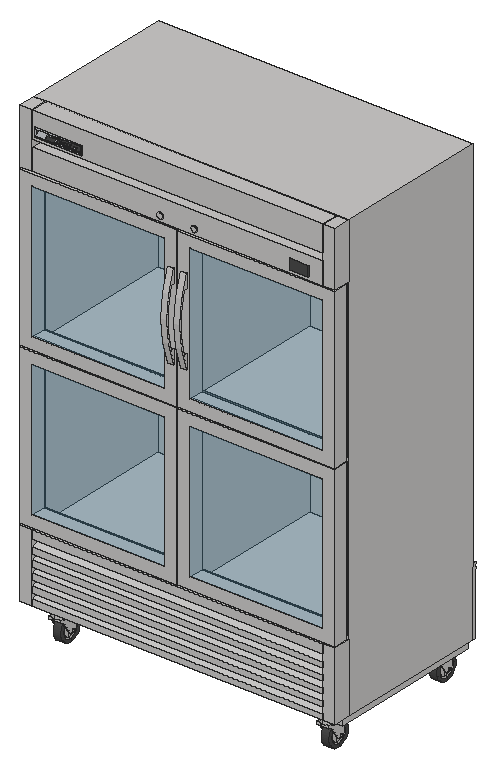
Revit family "QF_TRUE_T-49G-4-HC~FGD01_cat", category Specialty Equipment, Revit 2015 (continued)
Definition of nested family "T-49G-4-HC-FGD01"
  Forms (in)
    Extrusion 39, solid
      sketch origin (29.17183, -26.46875, 73.625) x (1, 0, 0) y (0, 1, 0)
        loop
          circle (24.12704, -2.16728) r 0.25
        loop
          circle (22.47678, -2.15567) r 0.25
        loop
          circle (21.47678, -2.15567) r 0.25
      from 0 to 0.11427
    Extrusion 40, solid
      sketch origin (29.17183, -26.46875, 73.625) x (1, 0, 0) y (0, 1, 0)
        loop
          circle (22.47678, -2.15567) r 0.25
        loop
          circle (21.47678, -2.15567) r 0.25
      from 0 to 0.25
    Extrusion 41, solid
      sketch origin (29.17183, -26.46875, 73.625) x (1, 0, 0) y (0, 1, 0)
        loop
          circle (24.12704, -2.16728) r 0.25
      from 0 to 0.25
    Extrusion 42, solid
      sketch origin (53.98433, -26.8125, 74.11977) x (-1, 0, 0) y (0, 1, 0)
        loop
          line (0.22917, -2.35477) -> (1.22917, -2.35477) -> (1.18806, 0) -> (0.27027, 0) -> (0.22917, -2.35477)
        loop
          circle (0.6841, -1.82353) r 0.25
      from 0.24477 to 0.38051
    Extrusion 43, solid, not visible
      sketch origin (53.7362, -26.8125, 19.12263) x (0, 1, 0) y (1, 0, 0)
        loop
          line (0, -1.157) -> (0, -0.21392) -> (-2.06523, -0.25589)
          arc (-2.06523, -0.25589) -> (-2.48736, -0.68546) -> (-2.06523, -1.11503) r 0.42963
          line (-2.06523, -1.11503) -> (0, -1.157)
        loop
          circle (-2.05773, -0.68546) r 0.25
      from 0.24397 to 0.49763
    Extrusion 44, solid, not visible
      sketch origin (53.7362, -26.8125, 19.12263) x (0, 1, 0) y (1, 0, 0)
        loop
          circle (-2.05773, -0.68546) r 0.25
      from 0.24397 to 0.49763
    Extrusion 45, solid, not visible
      sketch origin (29.17183, -26.46875, 73.625) x (1, 0, 0) y (0, 1, 0)
        loop
          line (24.5625, -1.62139) -> (21.0974, -1.62139) -> (21.0974, -2.6725) -> (24.5625, -2.6725) -> (24.5625, -1.62139)
        loop
          circle (24.12704, -2.16728) r 0.25
        loop
          circle (22.47678, -2.15567) r 0.25
        loop
          circle (21.47678, -2.15567) r 0.25
      from 0 to 0.11427
    Extrusion 46, solid, not visible
      sketch origin (29.17183, -26.46875, 73.625) x (1, 0, 0) y (0, 1, 0)
        loop
          circle (22.47678, -2.15567) r 0.25
        loop
          circle (21.47678, -2.15567) r 0.25
      from 0 to 0.25
    Extrusion 47, solid, not visible
      sketch origin (29.17183, -26.46875, 73.625) x (1, 0, 0) y (0, 1, 0)
        loop
          circle (24.12704, -2.16728) r 0.25
      from 0 to 0.25
    Extrusion 48, solid, not visible
      sketch origin (53.98433, -26.8125, 74.11977) x (-1, 0, 0) y (0, 1, 0)
        loop
          line (0.22917, -2.35477) -> (1.22917, -2.35477) -> (1.18806, 0) -> (0.27027, 0) -> (0.22917, -2.35477)
        loop
          circle (0.6841, -1.82353) r 0.25
      from 0.24477 to 0.38051
    Extrusion 49, solid
      sketch origin (53.7362, -26.8125, 46.62263) x (0, 1, 0) y (1, 0, 0)
        loop
          line (0, -1.157) -> (0, -0.21392) -> (-2.06523, -0.25589)
          arc (-2.06523, -0.25589) -> (-2.48736, -0.68546) -> (-2.06523, -1.11503) r 0.42963
          line (-2.06523, -1.11503) -> (0, -1.157)
        loop
          circle (-2.05773, -0.68546) r 0.25
      from 0.24397 to 0.49763
    Extrusion 50, solid
      sketch origin (53.7362, -26.8125, 46.62263) x (0, 1, 0) y (1, 0, 0)
        loop
          circle (-2.05773, -0.68546) r 0.25
      from 0.24397 to 0.49763
    Extrusion 51, solid, not visible
      sketch origin (53.7362, -26.8125, 46.62263) x (0, 1, 0) y (1, 0, 0)
        loop
          line (0, -1.157) -> (0, -0.21392) -> (-2.06523, -0.25589)
          arc (-2.06523, -0.25589) -> (-2.48736, -0.68546) -> (-2.06523, -1.11503) r 0.42963
          line (-2.06523, -1.11503) -> (0, -1.157)
        loop
          circle (-2.05773, -0.68546) r 0.25
      from 0.24397 to 0.49763
    Extrusion 52, solid, not visible
      sketch origin (53.7362, -26.8125, 46.62263) x (0, 1, 0) y (1, 0, 0)
        loop
          circle (-2.05773, -0.68546) r 0.25
      from 0.24397 to 0.49763
    Extrusion 53, solid
      sketch origin (0.42005, -26.8125, 19.12263) x (0, -1, 0) y (-1, 0, 0)
        loop
          line (0, -1.157) -> (2.06523, -1.11503)
          arc (2.06523, -1.11503) -> (2.48736, -0.68546) -> (2.06523, -0.25589) r 0.42963
          line (2.06523, -0.25589) -> (0, -0.21392) -> (0, -1.157)
        loop
          circle (2.05773, -0.68546) r 0.25
      from 0.24397 to 0.49763
    Extrusion 54, solid
      sketch origin (0.42005, -26.8125, 19.12263) x (0, -1, 0) y (-1, 0, 0)
        loop
          circle (2.05773, -0.68546) r 0.25
      from 0.24397 to 0.49763
    Extrusion 55, solid
      sketch origin (24.98442, -26.46875, 73.625) x (-1, 0, 0) y (0, -1, 0)
        loop
          line (24.5625, 1.62139) -> (24.5625, 2.6725) -> (21.0974, 2.6725) -> (21.0974, 1.62139) -> (24.5625, 1.62139)
        loop
          circle (24.12704, 2.16728) r 0.25
        loop
          circle (22.47678, 2.15567) r 0.25
        loop
          circle (21.47678, 2.15567) r 0.25
      from 0 to 0.11427
    Extrusion 56, solid
      sketch origin (24.98442, -26.46875, 73.625) x (-1, 0, 0) y (0, -1, 0)
        loop
          circle (22.47678, 2.15567) r 0.25
        loop
          circle (21.47678, 2.15567) r 0.25
      from 0 to 0.25
    Extrusion 57, solid
      sketch origin (24.98442, -26.46875, 73.625) x (-1, 0, 0) y (0, -1, 0)
        loop
          circle (24.12704, 2.16728) r 0.25
      from 0 to 0.25
    Extrusion 58, solid
      sketch origin (0.17192, -26.8125, 74.11977) x (-1, 0, 0) y (0, 1, 0)
        loop
          line (-0.22917, -2.35477) -> (-0.27027, 0) -> (-1.18806, 0) -> (-1.22917, -2.35477) -> (-0.22917, -2.35477)
        loop
          circle (-0.6841, -1.82353) r 0.25
      from 0.24477 to 0.38051
    Extrusion 59, solid
      sketch origin (0.42005, -26.8125, 46.62263) x (0, -1, 0) y (-1, 0, 0)
        loop
          line (0, -1.157) -> (2.06523, -1.11503)
          arc (2.06523, -1.11503) -> (2.48736, -0.68546) -> (2.06523, -0.25589) r 0.42963
          line (2.06523, -0.25589) -> (0, -0.21392) -> (0, -1.157)
        loop
          circle (2.05773, -0.68546) r 0.25
      from 0.24397 to 0.49763
    Extrusion 60, solid
      sketch origin (0.42005, -26.8125, 46.62263) x (0, -1, 0) y (-1, 0, 0)
        loop
          circle (2.05773, -0.68546) r 0.25
      from 0.24397 to 0.49763
    Extrusion 61, solid, not visible
      sketch origin (0.42005, -26.8125, 19.12263) x (0, -1, 0) y (-1, 0, 0)
        loop
          line (0, -1.157) -> (2.06523, -1.11503)
          arc (2.06523, -1.11503) -> (2.48736, -0.68546) -> (2.06523, -0.25589) r 0.42963
          line (2.06523, -0.25589) -> (0, -0.21392) -> (0, -1.157)
        loop
          circle (2.05773, -0.68546) r 0.25
      from 0.24397 to 0.49763
    Extrusion 62, solid, not visible
      sketch origin (0.42005, -26.8125, 19.12263) x (0, -1, 0) y (-1, 0, 0)
        loop
          circle (2.05773, -0.68546) r 0.25
      from 0.24397 to 0.49763
    Extrusion 63, solid, not visible
      sketch origin (24.98442, -26.46875, 73.625) x (-1, 0, 0) y (0, -1, 0)
        loop
          line (24.5625, 1.62139) -> (24.5625, 2.6725) -> (21.0974, 2.6725) -> (21.0974, 1.62139) -> (24.5625, 1.62139)
        loop
          circle (24.12704, 2.16728) r 0.25
        loop
          circle (22.47678, 2.15567) r 0.25
        loop
          circle (21.47678, 2.15567) r 0.25
      from 0 to 0.11427
    Extrusion 64, solid, not visible
      sketch origin (24.98442, -26.46875, 73.625) x (-1, 0, 0) y (0, -1, 0)
        loop
          circle (22.47678, 2.15567) r 0.25
        loop
          circle (21.47678, 2.15567) r 0.25
      from 0 to 0.25
    Extrusion 65, solid, not visible
      sketch origin (24.98442, -26.46875, 73.625) x (-1, 0, 0) y (0, -1, 0)
        loop
          circle (24.12704, 2.16728) r 0.25
      from 0 to 0.25
    Extrusion 66, solid, not visible
      sketch origin (0.17192, -26.8125, 74.11977) x (-1, 0, 0) y (0, 1, 0)
        loop
          line (-0.22917, -2.35477) -> (-0.27027, 0) -> (-1.18806, 0) -> (-1.22917, -2.35477) -> (-0.22917, -2.35477)
        loop
          circle (-0.6841, -1.82353) r 0.25
      from 0.24477 to 0.38051
    Extrusion 67, solid, not visible
      sketch origin (0.42005, -26.8125, 46.62263) x (0, -1, 0) y (-1, 0, 0)
        loop
          line (0, -1.157) -> (2.06523, -1.11503)
          arc (2.06523, -1.11503) -> (2.48736, -0.68546) -> (2.06523, -0.25589) r 0.42963
          line (2.06523, -0.25589) -> (0, -0.21392) -> (0, -1.157)
        loop
          circle (2.05773, -0.68546) r 0.25
      from 0.24397 to 0.49763
    Extrusion 68, solid, not visible
      sketch origin (0.42005, -26.8125, 46.62263) x (0, -1, 0) y (-1, 0, 0)
        loop
          circle (2.05773, -0.68546) r 0.25
      from 0.24397 to 0.49763
  Cuts and joins
    joined: Extrusion 1, Extrusion 7, Extrusion 9, Extrusion 16
  Lines and regions (in)
    symbolic lines
      curve 1: line (0, -29.8125, 0) -> (54.15625, -29.8125, 0)
      curve 2: line (0, 0.5, 0) -> (0, -29.8125, 0)
      curve 3: line (54.15625, 0.5, 0) -> (0, 0.5, 0)
      curve 4: line (54.15625, -29.8125, 0) -> (54.15625, 0.5, 0)
      curve 5: line (0, 0, 0) -> (54.15625, 0, 0)
      curve 6: line (0, -26.8125, 0) -> (54.15625, -26.8125, 0)
      curve 7: line (2, -29.8125, 0) -> (2, -26.8125, 0)
      curve 8: line (52.15625, -29.8125, 0) -> (52.15625, -26.8125, 0)
      curve 9: line (25.44851, -31.34375, 0) -> (25.44851, -29.8125, 0)
      curve 10: line (25.44851, -31.34375, 0) -> (26.45776, -31.34375, 0)
      curve 11: line (26.45776, -31.34375, 0) -> (26.45776, -29.8125, 0)
      curve 12: line (27.69849, -29.8125, 0) -> (27.69849, -31.34375, 0)
      curve 13: line (28.70774, -29.8125, 0) -> (28.70774, -31.34375, 0)
      curve 14: line (28.70774, -31.34375, 0) -> (27.69849, -31.34375, 0)
      curve 15: line (0, -29.8125, 0) -> (22.77628, -42.96239, 0)
      curve 16: arc (26.94851, -29.8125, 0) -> (25.72808, -36.66211, 0) -> (22.77628, -42.96239, 0) r 26.64931
      curve 17: line (54.15625, -29.8125, 0) -> (31.37997, -42.96239, 0)
      curve 18: arc (27.20774, -29.8125, 0) -> (28.42817, -36.66211, 0) -> (31.37997, -42.96239, 0) r 26.64931
  Dimensions and locks (in)
    equal spacing: plane 3 "LEFT", plane 7 "Center Y", plane 4 "RIGHT"
    plane 3 "LEFT" to plane 4 "RIGHT" = 54 5/32"
    equal spacing: plane 5 "FRONT", plane 8 "Center X", plane 1 "BACK"
    plane 5 "FRONT" to plane 1 "BACK" = 29 13/16"
    plane 6 "TOP" to level = 83 3/8"
    plane 6 "TOP" to plane 9 = 78 5/16"
    plane 9 to level = 5 1/16"
    plane 4 "RIGHT" to plane 3 "LEFT" = 54 5/32"
    plane 1 "BACK" to plane 10 = 1/2"
    plane 11 to plane 5 "FRONT" = 1 17/32"
    plane 10 to plane 11 = 31 27/32"
    plane 1 "BACK" to plane 18 = 55 1/4"
    plane 1 "BACK" to plane 20 = 55 1/4"
    aligned and locked: level to plane 2
  Automatic sketch dimensions
    Extrusion 2 sketch curve to Extrusion 2 sketch curve = 1 1/4"  (x2)
    Extrusion 2 sketch curve to Extrusion 2 sketch curve = 1"  (x7)
    Extrusion 2 sketch curve to Extrusion 2 sketch curve = 2"  (x2)
    Extrusion 2 sketch curve to Extrusion 2 sketch curve = 0"  (x9)
    Extrusion 2 sketch curve to Extrusion 2 sketch curve = 0.51258"
    Extrusion 2 sketch curve to Extrusion 2 sketch curve = 0.43712"
    Extrusion 4 sketch curve to Extrusion 2 = 0.97242"  (x2)
    Extrusion 2 to Extrusion 4 sketch curve = 22.14431"
    Extrusion 4 sketch curve to Extrusion 4 sketch curve = 5.86763"
    Extrusion 5 sketch curve to plane 18 = 0"  (x2)
    Extrusion 7 sketch curve to Extrusion 1 = 0"  (x3)
    Extrusion 1 to Extrusion 7 sketch curve = 0"  (x2)
    Extrusion 1 to Extrusion 7 sketch curve = 2"
    Extrusion 1 to Extrusion 7 sketch curve = 11 3/4"
    Extrusion 1 to Extrusion 7 sketch curve = 2 5/8"
    Extrusion 9 sketch curve to Extrusion 9 sketch curve = 2"
    Extrusion 10 sketch curve to Extrusion 10 sketch curve = 3 1/4"
    Extrusion 16 sketch curve to plane 16 = 11 9/16"
    Extrusion 16 sketch curve to plane 17 = 0"
    Extrusion 17 sketch curve to plane 19 = 0"  (x2)
    Extrusion 1 sketch curve to Extrusion 1 sketch curve = 2"
    Extrusion 1 sketch curve to Extrusion 1 sketch curve = 76 1/2"
    Extrusion 2 sketch curve to Extrusion 2 sketch curve = 4 1/2"
    Extrusion 2 sketch curve to Extrusion 2 sketch curve = 3 3/4"
    Extrusion 2 sketch curve to Extrusion 2 sketch curve = 55 1/4"
    Extrusion 2 sketch curve to Extrusion 2 sketch curve = 1 1/2"
    Extrusion 2 sketch curve to Extrusion 2 sketch curve = 2.0503"  (x2)
    Extrusion 2 sketch curve to Extrusion 2 sketch curve = 2.80755"
    Extrusion 2 sketch curve to Extrusion 2 sketch curve = 3"
    Extrusion 5 sketch curve to Extrusion 5 sketch curve = 25 7/16"
    Extrusion 5 sketch curve to Extrusion 5 sketch curve = 0"
    Extrusion 5 sketch curve to Extrusion 5 sketch curve = 1.20981"  (x2)
    Extrusion 5 sketch curve to Extrusion 5 sketch curve = 0.32668"
    Extrusion 5 sketch curve to Extrusion 5 sketch curve = 0.25923"
    Extrusion 5 sketch curve to Extrusion 5 sketch curve = 26.62183"
    Extrusion 9 sketch curve to Extrusion 9 sketch curve = 76 1/2"
    Extrusion 10 sketch curve to Extrusion 10 sketch curve = 1 3/4"
    Extrusion 11 sketch curve to Extrusion 11 sketch curve = 9 1/2"
    Extrusion 11 sketch curve to Extrusion 11 sketch curve = 55 1/4"
    Extrusion 11 sketch curve to Extrusion 11 sketch curve = 11 3/4"
    Extrusion 11 sketch curve to Extrusion 11 sketch curve = 0"
    Extrusion 11 sketch curve to Extrusion 11 sketch curve = 3"  (x2)
    Extrusion 12 sketch curve to Extrusion 12 sketch curve = 9 1/2"
    Extrusion 12 sketch curve to Extrusion 12 sketch curve = 55 1/4"
    Extrusion 12 sketch curve to Extrusion 12 sketch curve = 11 3/4"
    Extrusion 12 sketch curve to Extrusion 12 sketch curve = 0"
    Extrusion 12 sketch curve to Extrusion 12 sketch curve = 3"  (x2)
    plane 17 to Extrusion 16 sketch curve = 36 1/8"
    Extrusion 16 sketch curve to Extrusion 16 sketch curve = 24 5/64"  (x2)
    Extrusion 16 sketch curve to Extrusion 16 sketch curve = 0"  (x3)
    Extrusion 16 sketch curve to Extrusion 16 sketch curve = 2"  (x3)
    Extrusion 17 sketch curve to Extrusion 17 sketch curve = 25 7/16"
    Extrusion 17 sketch curve to Extrusion 17 sketch curve = 0"
    Extrusion 17 sketch curve to Extrusion 17 sketch curve = 1.20981"  (x2)
    Extrusion 17 sketch curve to Extrusion 17 sketch curve = 0.32668"
    Extrusion 17 sketch curve to Extrusion 17 sketch curve = 0.25923"
    Extrusion 17 sketch curve to Extrusion 17 sketch curve = 26.62183"
    Extrusion 19 sketch curve to Extrusion 19 sketch curve = 1 1/4"  (x2)
    Extrusion 19 sketch curve to Extrusion 19 sketch curve = 1"  (x7)
    Extrusion 19 sketch curve to Extrusion 19 sketch curve = 2"  (x2)
    Extrusion 19 sketch curve to Extrusion 19 sketch curve = 0"  (x9)
    Extrusion 19 sketch curve to Extrusion 19 sketch curve = 0.51258"
    Extrusion 19 sketch curve to Extrusion 19 sketch curve = 0.43712"
    Extrusion 21 sketch curve to Extrusion 19 = 0.97242"  (x2)
    Extrusion 19 to Extrusion 21 sketch curve = 22.14431"
    Extrusion 21 sketch curve to Extrusion 21 sketch curve = 5.86763"
    Extrusion 22 sketch curve to plane 27 = 0"  (x2)
    Extrusion 24 sketch curve to Extrusion 18 = 0"  (x3)
    Extrusion 18 to Extrusion 24 sketch curve = 0"  (x2)
    Extrusion 18 to Extrusion 24 sketch curve = 2"
    Extrusion 18 to Extrusion 24 sketch curve = 11 3/4"
    Extrusion 18 to Extrusion 24 sketch curve = 2 5/8"
    Extrusion 26 sketch curve to Extrusion 26 sketch curve = 2"
    Extrusion 27 sketch curve to Extrusion 27 sketch curve = 3 1/4"
    Extrusion 33 sketch curve to plane 25 = 11 9/16"
    Extrusion 33 sketch curve to plane 26 = 0"
    Extrusion 34 sketch curve to plane 28 = 0"  (x2)
    Extrusion 18 sketch curve to Extrusion 18 sketch curve = 2"
    Extrusion 18 sketch curve to Extrusion 18 sketch curve = 76 1/2"
    Extrusion 19 sketch curve to Extrusion 19 sketch curve = 4 1/2"
    Extrusion 19 sketch curve to Extrusion 19 sketch curve = 3 3/4"
    Extrusion 19 sketch curve to Extrusion 19 sketch curve = 55 1/4"
    Extrusion 19 sketch curve to Extrusion 19 sketch curve = 1 1/2"
    Extrusion 19 sketch curve to Extrusion 19 sketch curve = 2.0503"  (x2)
    Extrusion 19 sketch curve to Extrusion 19 sketch curve = 2.80755"
    Extrusion 19 sketch curve to Extrusion 19 sketch curve = 3"
    Extrusion 22 sketch curve to Extrusion 22 sketch curve = 25 7/16"
    Extrusion 22 sketch curve to Extrusion 22 sketch curve = 0"
    Extrusion 22 sketch curve to Extrusion 22 sketch curve = 1.20981"  (x2)
    Extrusion 22 sketch curve to Extrusion 22 sketch curve = 0.32668"
    Extrusion 22 sketch curve to Extrusion 22 sketch curve = 0.25923"
    Extrusion 22 sketch curve to Extrusion 22 sketch curve = 26.62183"
    Extrusion 26 sketch curve to Extrusion 26 sketch curve = 76 1/2"
    Extrusion 27 sketch curve to Extrusion 27 sketch curve = 1 3/4"
    Extrusion 28 sketch curve to Extrusion 28 sketch curve = 9 1/2"
    Extrusion 28 sketch curve to Extrusion 28 sketch curve = 55 1/4"
    Extrusion 28 sketch curve to Extrusion 28 sketch curve = 11 3/4"
    Extrusion 28 sketch curve to Extrusion 28 sketch curve = 0"
    Extrusion 28 sketch curve to Extrusion 28 sketch curve = 3"  (x2)
    Extrusion 29 sketch curve to Extrusion 29 sketch curve = 9 1/2"
    Extrusion 29 sketch curve to Extrusion 29 sketch curve = 55 1/4"
    Extrusion 29 sketch curve to Extrusion 29 sketch curve = 11 3/4"
    Extrusion 29 sketch curve to Extrusion 29 sketch curve = 0"
    Extrusion 29 sketch curve to Extrusion 29 sketch curve = 3"  (x2)
    plane 26 to Extrusion 33 sketch curve = 36 1/8"
    Extrusion 33 sketch curve to Extrusion 33 sketch curve = 24 5/64"  (x2)
    Extrusion 33 sketch curve to Extrusion 33 sketch curve = 0"  (x3)
    Extrusion 33 sketch curve to Extrusion 33 sketch curve = 2"  (x3)
    Extrusion 34 sketch curve to Extrusion 34 sketch curve = 25 7/16"
    Extrusion 34 sketch curve to Extrusion 34 sketch curve = 0"
    Extrusion 34 sketch curve to Extrusion 34 sketch curve = 1.20981"  (x2)
    Extrusion 34 sketch curve to Extrusion 34 sketch curve = 0.32668"
    Extrusion 34 sketch curve to Extrusion 34 sketch curve = 0.25923"
    Extrusion 34 sketch curve to Extrusion 34 sketch curve = 26.62183"
    Extrusion 6 to Extrusion 35 sketch curve = 4.84595"
    Extrusion 6 to Extrusion 35 sketch curve = 27 5/64"
    Extrusion 14 sketch curve to plane 14 = 0"
    plane 15 to Extrusion 14 sketch curve = 0"
    Extrusion 14 sketch curve to plane 14 = 2 1/2"
    Extrusion 14 sketch curve to plane 15 = 2 1/2"
    Extrusion 14 sketch curve to Extrusion 14 sketch curve = 0"
    Extrusion 14 sketch curve to Extrusion 14 sketch curve = 0.60964"  (x2)
    Extrusion 14 sketch curve to Extrusion 14 sketch curve = 17.54993"
    Extrusion 14 sketch curve to Extrusion 14 sketch curve = 0.05054"
    Extrusion 13 sketch curve to plane 12 = 0"
    plane 13 to Extrusion 13 sketch curve = 0"
    Extrusion 13 sketch curve to plane 12 = 2 1/2"
    Extrusion 13 sketch curve to plane 13 = 2 1/2"
    Extrusion 13 sketch curve to Extrusion 13 sketch curve = 0"
    Extrusion 13 sketch curve to Extrusion 13 sketch curve = 0.60964"  (x2)
    Extrusion 13 sketch curve to Extrusion 13 sketch curve = 17.54993"
    Extrusion 13 sketch curve to Extrusion 13 sketch curve = 0.05175"
    Extrusion 31 sketch curve to plane 23 = 0"
    plane 24 to Extrusion 31 sketch curve = 0"
    Extrusion 31 sketch curve to plane 23 = 2 1/2"
    Extrusion 31 sketch curve to plane 24 = 2 1/2"
    Extrusion 31 sketch curve to Extrusion 31 sketch curve = 0"
    Extrusion 31 sketch curve to Extrusion 31 sketch curve = 0.60964"  (x2)
    Extrusion 31 sketch curve to Extrusion 31 sketch curve = 17.54993"
    Extrusion 31 sketch curve to Extrusion 31 sketch curve = 0.05054"
    Extrusion 30 sketch curve to plane 21 = 0"
    plane 22 to Extrusion 30 sketch curve = 0"
    Extrusion 30 sketch curve to plane 21 = 2 1/2"
    Extrusion 30 sketch curve to plane 22 = 2 1/2"
    Extrusion 30 sketch curve to Extrusion 30 sketch curve = 0"
    Extrusion 30 sketch curve to Extrusion 30 sketch curve = 0.60964"  (x2)
    Extrusion 30 sketch curve to Extrusion 30 sketch curve = 17.54993"
    Extrusion 30 sketch curve to Extrusion 30 sketch curve = 0.05175"
    curve 1 to plane 3 "LEFT" = 0"
    plane 5 "FRONT" to curve 7 = 0"
    plane 11 to curve 12 = 0"
    curve 1 to plane 4 "RIGHT" = 0"
    plane 1 "BACK" to curve 5 = 0"
    curve 3 to plane 10 = 0"
    plane 3 "LEFT" to curve 16 = 0.32668"
    curve 15 to plane 7 "Center Y" = 4.30184"
    plane 11 to curve 9 = 0"
    curve 9 to plane 7 "Center Y" = 1.62962"
    curve 11 to plane 7 "Center Y" = 0.62037"
    plane 7 "Center Y" to curve 12 = 0.62037"
    curve 12 to curve 14 = 1.00925"
    plane 7 "Center Y" to curve 17 = 4.30184"
    plane 4 "RIGHT" to curve 18 = 0.32668"
    plane 11 to curve 15 = 11.61864"
    curve 15 to curve 17 = 0"
    curve 18 to plane 5 "FRONT" = 1.20981"
    curve 16 to plane 5 "FRONT" = 1.20981"
    plane 3 "LEFT" to curve 7 = 2"
    plane 4 "RIGHT" to curve 8 = 2"
    curve 18 to curve 8 = 1.79019"
    Extrusion 8 sketch curve to Extrusion 8 sketch curve = 0"  (x6)
    Extrusion 8 sketch curve to Extrusion 8 sketch curve = 2"  (x13)
    Extrusion 8 sketch curve to Extrusion 8 sketch curve = 22.94851"  (x4)
    Extrusion 8 sketch curve to Extrusion 8 sketch curve = 0.25923"
    Extrusion 8 sketch curve to Extrusion 8 sketch curve = 23.24634"  (x4)
    Extrusion 8 sketch curve to Extrusion 8 sketch curve = 0.25366"  (x2)
    Extrusion 25 sketch curve to Extrusion 25 sketch curve = 0"  (x6)
    Extrusion 25 sketch curve to Extrusion 25 sketch curve = 2"  (x13)
    Extrusion 25 sketch curve to Extrusion 25 sketch curve = 22.94851"  (x4)
    Extrusion 25 sketch curve to Extrusion 25 sketch curve = 0.25923"
    Extrusion 25 sketch curve to Extrusion 25 sketch curve = 23.24634"  (x4)
    Extrusion 25 sketch curve to Extrusion 25 sketch curve = 0.25366"  (x2)
    Extrusion 3 sketch curve to Extrusion 3 sketch curve = 0"  (x4)
    Extrusion 3 sketch curve to Extrusion 3 sketch curve = 22.94851"  (x3)
    Extrusion 3 sketch curve to Extrusion 3 sketch curve = 4.25923"  (x2)
    Extrusion 3 sketch curve to Extrusion 3 sketch curve = 23.24634"  (x3)
    Extrusion 3 sketch curve to Extrusion 3 sketch curve = 4.25366"  (x2)
    Extrusion 20 sketch curve to Extrusion 20 sketch curve = 0"  (x4)
    Extrusion 20 sketch curve to Extrusion 20 sketch curve = 22.94851"  (x3)
    Extrusion 20 sketch curve to Extrusion 20 sketch curve = 4.25923"  (x2)
    Extrusion 20 sketch curve to Extrusion 20 sketch curve = 23.24634"  (x3)
    Extrusion 20 sketch curve to Extrusion 20 sketch curve = 4.25366"  (x2)
    Extrusion 36 sketch curve to plane 9 = 0"
    Extrusion 36 sketch curve to plane 29 = 0"
    plane 4 "RIGHT" to Extrusion 36 sketch curve = 1"
    plane 3 "LEFT" to Extrusion 36 sketch curve = 1"
    Extrusion 6 sketch curve to Extrusion 1 = 0"  (x2)
    Extrusion 6 sketch curve to Extrusion 1 = 3/8"
    Extrusion 6 sketch curve to Extrusion 6 sketch curve = 10.68144"
    Extrusion 6 sketch curve to Extrusion 6 sketch curve = 0.34482"
    Extrusion 6 sketch curve to Extrusion 6 sketch curve = 0.3805"
    Extrusion 6 sketch curve to Extrusion 6 sketch curve = 0.16647"
    Extrusion 6 sketch curve to Extrusion 1 = 0.32496"
    Extrusion 6 sketch curve to Extrusion 6 sketch curve = 0.17678"
    Extrusion 6 sketch curve to Extrusion 6 sketch curve = 0.14819"
    Extrusion 6 sketch curve to Extrusion 6 sketch curve = 0"
    Extrusion 6 sketch curve to Extrusion 6 sketch curve = 1/8"
    Extrusion 6 sketch curve to Extrusion 6 sketch curve = 0.17504"
    Extrusion 23 sketch curve to Extrusion 18 = 0"  (x2)
    Extrusion 23 sketch curve to Extrusion 18 = 3/8"
    Extrusion 23 sketch curve to Extrusion 23 sketch curve = 10.68144"
    Extrusion 23 sketch curve to Extrusion 23 sketch curve = 0.34482"
    Extrusion 23 sketch curve to Extrusion 23 sketch curve = 0.3805"
    Extrusion 23 sketch curve to Extrusion 23 sketch curve = 0.16647"
    Extrusion 23 sketch curve to Extrusion 18 = 0.32496"
    Extrusion 23 sketch curve to Extrusion 23 sketch curve = 0.17678"
    Extrusion 23 sketch curve to Extrusion 23 sketch curve = 0.14819"
    Extrusion 23 sketch curve to Extrusion 23 sketch curve = 0"
    Extrusion 23 sketch curve to Extrusion 23 sketch curve = 1/8"
    Extrusion 23 sketch curve to Extrusion 23 sketch curve = 0.17504"
    Extrusion 15 sketch curve to Extrusion 1 = 1/4"  (x4)
    Extrusion 15 sketch curve to Extrusion 1 = 11 1/2"  (x2)
    Extrusion 1 to Extrusion 15 sketch curve = 23.19851"  (x2)
    Extrusion 15 sketch curve to Extrusion 15 sketch curve = 1 1/2"  (x5)
    Extrusion 15 sketch curve to Extrusion 15 sketch curve = 0"  (x3)
    Extrusion 15 sketch curve to Extrusion 15 sketch curve = 0.75923"  (x2)
    Extrusion 15 sketch curve to Extrusion 15 sketch curve = 23.44851"  (x2)
    Extrusion 15 sketch curve to Extrusion 15 sketch curve = 23 5/8"
    Extrusion 15 sketch curve to Extrusion 15 sketch curve = 1.62134"  (x7)
    Extrusion 15 sketch curve to Extrusion 15 sketch curve = 0.63232"  (x2)
    Extrusion 15 sketch curve to Extrusion 1 = 13 7/8"  (x2)
    Extrusion 32 sketch curve to Extrusion 18 = 1/4"  (x4)
    Extrusion 32 sketch curve to Extrusion 18 = 11 1/2"  (x2)
    Extrusion 18 to Extrusion 32 sketch curve = 23.19851"  (x2)
    Extrusion 32 sketch curve to Extrusion 32 sketch curve = 1 1/2"  (x5)
    Extrusion 32 sketch curve to Extrusion 32 sketch curve = 0"  (x3)
    Extrusion 32 sketch curve to Extrusion 32 sketch curve = 0.75923"  (x2)
    Extrusion 32 sketch curve to Extrusion 32 sketch curve = 23.44851"  (x2)
    Extrusion 32 sketch curve to Extrusion 32 sketch curve = 23 5/8"
    Extrusion 32 sketch curve to Extrusion 32 sketch curve = 1.62134"  (x7)
    Extrusion 32 sketch curve to Extrusion 32 sketch curve = 0.63232"  (x2)
    Extrusion 32 sketch curve to Extrusion 18 = 13 7/8"  (x2)
    Extrusion 37 sketch curve to Extrusion 37 sketch curve = 0"  (x3)
    Extrusion 37 sketch curve to Extrusion 37 sketch curve = 0.0075"
    Extrusion 37 sketch curve to Extrusion 37 sketch curve = 2.06523"
    Extrusion 37 sketch curve to Extrusion 37 sketch curve = 0.04197"
    Extrusion 37 sketch curve to Extrusion 37 sketch curve = 0.42957"
    Extrusion 37 sketch curve to Extrusion 37 sketch curve = 0.94308"
    Extrusion 39 sketch curve to Extrusion 39 sketch curve = 0.37938"
    Extrusion 39 sketch curve to Extrusion 39 sketch curve = 1"
    Extrusion 39 sketch curve to Extrusion 39 sketch curve = 1.65026"
    Extrusion 39 sketch curve to Extrusion 39 sketch curve = 0.43546"
    Extrusion 39 sketch curve to Extrusion 39 sketch curve = 0.50522"
    Extrusion 39 sketch curve to Extrusion 39 sketch curve = 0.51683"  (x2)
    Extrusion 39 sketch curve to Extrusion 39 sketch curve = 0.53428"
    Extrusion 40 sketch curve to Extrusion 40 sketch curve = 1"
    Extrusion 40 sketch curve to Extrusion 40 sketch curve = 0"
    Extrusion 41 sketch curve to Extrusion 41 sketch curve = 0"  (x2)
    Extrusion 41 sketch curve to Extrusion 41 sketch curve = 1/4"
    Extrusion 42 sketch curve to Extrusion 42 sketch curve = 0.0411"
    Extrusion 42 sketch curve to Extrusion 42 sketch curve = 0.45494"
    Extrusion 42 sketch curve to Extrusion 42 sketch curve = 0.91779"
    Extrusion 42 sketch curve to Extrusion 42 sketch curve = 0.54506"
    Extrusion 42 sketch curve to Extrusion 42 sketch curve = 1.82353"
    Extrusion 42 sketch curve to Extrusion 42 sketch curve = 17/32"
    Extrusion 49 sketch curve to Extrusion 49 sketch curve = 0"  (x3)
    Extrusion 49 sketch curve to Extrusion 49 sketch curve = 0.0075"
    Extrusion 49 sketch curve to Extrusion 49 sketch curve = 2.06523"
    Extrusion 49 sketch curve to Extrusion 49 sketch curve = 0.04197"
    Extrusion 49 sketch curve to Extrusion 49 sketch curve = 0.42957"
    Extrusion 49 sketch curve to Extrusion 49 sketch curve = 0.94308"
    Extrusion 53 sketch curve to Extrusion 53 sketch curve = 0"  (x2)
    Extrusion 53 sketch curve to Extrusion 53 sketch curve = 2.05773"
    Extrusion 53 sketch curve to Extrusion 53 sketch curve = 0.0075"  (x2)
    Extrusion 53 sketch curve to Extrusion 53 sketch curve = 0.04197"
    Extrusion 53 sketch curve to Extrusion 53 sketch curve = 0.42957"
    Extrusion 53 sketch curve to Extrusion 53 sketch curve = 0.94308"
    Extrusion 55 sketch curve to Extrusion 55 sketch curve = 0.37938"
    Extrusion 55 sketch curve to Extrusion 55 sketch curve = 1"
    Extrusion 55 sketch curve to Extrusion 55 sketch curve = 1.65026"
    Extrusion 55 sketch curve to Extrusion 55 sketch curve = 0.43546"
    Extrusion 55 sketch curve to Extrusion 55 sketch curve = 0.53428"  (x2)
    Extrusion 55 sketch curve to Extrusion 55 sketch curve = 0.5459"
    Extrusion 55 sketch curve to Extrusion 55 sketch curve = 0.51683"
    Extrusion 56 sketch curve to Extrusion 56 sketch curve = 1"
    Extrusion 56 sketch curve to Extrusion 56 sketch curve = 0"
    Extrusion 57 sketch curve to Extrusion 57 sketch curve = 0"  (x2)
    Extrusion 57 sketch curve to Extrusion 57 sketch curve = 1/4"
    Extrusion 58 sketch curve to Extrusion 58 sketch curve = 0.0411"
    Extrusion 58 sketch curve to Extrusion 58 sketch curve = 0.54506"
    Extrusion 58 sketch curve to Extrusion 58 sketch curve = 0.91779"
    Extrusion 58 sketch curve to Extrusion 58 sketch curve = 0.45494"
    Extrusion 58 sketch curve to Extrusion 58 sketch curve = 1.82353"
    Extrusion 58 sketch curve to Extrusion 58 sketch curve = 17/32"
    Extrusion 59 sketch curve to Extrusion 59 sketch curve = 0"  (x2)
    Extrusion 59 sketch curve to Extrusion 59 sketch curve = 2.05773"
    Extrusion 59 sketch curve to Extrusion 59 sketch curve = 0.0075"  (x2)
    Extrusion 59 sketch curve to Extrusion 59 sketch curve = 0.04197"
    Extrusion 59 sketch curve to Extrusion 59 sketch curve = 0.42957"
    Extrusion 59 sketch curve to Extrusion 59 sketch curve = 0.94308"
    Extrusion 61 sketch curve to Extrusion 61 sketch curve = 0"  (x2)
    Extrusion 61 sketch curve to Extrusion 61 sketch curve = 2.05773"
    Extrusion 61 sketch curve to Extrusion 61 sketch curve = 0.0075"  (x2)
    Extrusion 61 sketch curve to Extrusion 61 sketch curve = 0.04197"
    Extrusion 61 sketch curve to Extrusion 61 sketch curve = 0.42957"
    Extrusion 61 sketch curve to Extrusion 61 sketch curve = 0.94308"
    Extrusion 63 sketch curve to Extrusion 63 sketch curve = 0.37938"
    Extrusion 63 sketch curve to Extrusion 63 sketch curve = 1"
    Extrusion 63 sketch curve to Extrusion 63 sketch curve = 1.65026"
    Extrusion 63 sketch curve to Extrusion 63 sketch curve = 0.43546"
    Extrusion 63 sketch curve to Extrusion 63 sketch curve = 0.53428"  (x2)
    Extrusion 63 sketch curve to Extrusion 63 sketch curve = 0.5459"
    Extrusion 63 sketch curve to Extrusion 63 sketch curve = 0.51683"
    Extrusion 64 sketch curve to Extrusion 64 sketch curve = 1"
    Extrusion 64 sketch curve to Extrusion 64 sketch curve = 0"
    Extrusion 65 sketch curve to Extrusion 65 sketch curve = 0"  (x2)
    Extrusion 65 sketch curve to Extrusion 65 sketch curve = 1/4"
    Extrusion 66 sketch curve to Extrusion 66 sketch curve = 0.0411"
    Extrusion 66 sketch curve to Extrusion 66 sketch curve = 0.54506"
    Extrusion 66 sketch curve to Extrusion 66 sketch curve = 0.91779"
    Extrusion 66 sketch curve to Extrusion 66 sketch curve = 0.45494"
    Extrusion 66 sketch curve to Extrusion 66 sketch curve = 1.82353"
    Extrusion 66 sketch curve to Extrusion 66 sketch curve = 17/32"
    Extrusion 67 sketch curve to Extrusion 67 sketch curve = 0"  (x2)
    Extrusion 67 sketch curve to Extrusion 67 sketch curve = 2.05773"
    Extrusion 67 sketch curve to Extrusion 67 sketch curve = 0.0075"  (x2)
    Extrusion 67 sketch curve to Extrusion 67 sketch curve = 0.04197"
    Extrusion 67 sketch curve to Extrusion 67 sketch curve = 0.42957"
    Extrusion 67 sketch curve to Extrusion 67 sketch curve = 0.94308"
    radius of Extrusion 4 sketch curve = 1/2"  (x2)
    radius of Extrusion 21 sketch curve = 1/2"  (x2)
    radius of Extrusion 35 sketch curve = 1/4"
    radius of Extrusion 37 sketch curve = 1/4"
    radius of Extrusion 38 sketch curve = 1/4"
    radius of Extrusion 39 sketch curve = 1/4"  (x3)
    radius of Extrusion 40 sketch curve = 1/4"  (x2)
    radius of Extrusion 42 sketch curve = 1/4"
    radius of Extrusion 49 sketch curve = 1/4"
    radius of Extrusion 50 sketch curve = 1/4"
    radius of Extrusion 53 sketch curve = 1/4"
    radius of Extrusion 54 sketch curve = 1/4"
    radius of Extrusion 55 sketch curve = 1/4"  (x3)
    radius of Extrusion 56 sketch curve = 1/4"  (x2)
    radius of Extrusion 58 sketch curve = 1/4"
    radius of Extrusion 59 sketch curve = 1/4"
    radius of Extrusion 60 sketch curve = 1/4"
    radius of Extrusion 61 sketch curve = 1/4"
    radius of Extrusion 62 sketch curve = 1/4"
    radius of Extrusion 63 sketch curve = 1/4"  (x3)
    radius of Extrusion 64 sketch curve = 1/4"  (x2)
    radius of Extrusion 66 sketch curve = 1/4"
    radius of Extrusion 67 sketch curve = 1/4"
    radius of Extrusion 68 sketch curve = 1/4"
  Nested families (in)
    nested 1: "QF_LOGO_TRUE" at (2.5, -29.8125, 79.375), Show Logo <- "Show Logo", type "QF_LOGO_TRUE", detail levels medium+fine
      with Show Logo yes
  Definition of nested family "QF_LOGO_TRUE"
    Parameters (values of type "QF_LOGO_TRUE")
      Show Logo [instance] = yes
    Reference planes (in)
      plane 1 "Center (Front/Back)": y = 0
      plane 2: z = 0
      plane 3 "Center (Left/Right)": x = 0
    Forms (in)
      Extrusion 1, solid, visible <- "Show Logo", detail levels medium+fine
        sketch origin (-78.34647, 34.76905, -30.51001) x (1, 0, 0) y (0, 0, 1)
          loop
            line (81.15226, 31.65456) -> (81.07353, 31.48573) -> (82.12083, 31.48573)
            arc (82.12083, 31.48573) -> (82.14208, 31.44814) -> (82.12083, 31.41055) r 0.04386
            line (82.12083, 31.41055) -> (81.84767, 30.82478)
            arc (81.84767, 30.82478) -> (81.84531, 30.77052) -> (81.882, 30.73048) r 0.07096
            line (81.882, 30.73048) -> (82.55165, 30.73048)
            arc (82.55165, 30.73048) -> (82.63621, 30.75714) -> (82.69019, 30.82748) r 0.14742
            line (82.69019, 30.82748) -> (82.90515, 31.28847) -> (83.10265, 31.28847)
            arc (83.10265, 31.28847) -> (83.15447, 31.26942) -> (83.14697, 31.21472) r 0.04405
            line (83.14697, 31.21472) -> (82.9671, 30.82899)
            arc (82.9671, 30.82899) -> (82.9699, 30.76493) -> (83.02398, 30.73048) r 0.06943
            line (83.02398, 30.73048) -> (83.6124, 30.73048)
            arc (83.6124, 30.73048) -> (83.65748, 30.74689) -> (83.68147, 30.78844) r 0.07014
            arc (83.68147, 30.78844) -> (83.69845, 30.74745) -> (83.73943, 30.73048) r 0.05796
            line (83.73943, 30.73048) -> (84.112, 30.73048)
            arc (84.112, 30.73048) -> (84.15504, 30.74201) -> (84.18655, 30.77352) r 0.08608
            arc (84.18655, 30.77352) -> (84.20164, 30.7371) -> (84.23806, 30.72202) r 0.0515
            line (84.23806, 30.72202) -> (84.76757, 30.72202)
            arc (84.76757, 30.72202) -> (84.81086, 30.73995) -> (84.8288, 30.78324) r 0.06122
            arc (84.8288, 30.78324) -> (84.86848, 30.74355) -> (84.92269, 30.72903) r 0.10842
            line (84.92269, 30.72903) -> (85.91461, 30.72903) -> (86.02479, 30.91987) -> (85.0243, 30.91987)
            arc (85.0243, 30.91987) -> (84.99669, 30.93902) -> (84.99566, 30.97261) r 0.03732
            line (84.99566, 30.97261) -> (85.01297, 31.00972)
            arc (85.01297, 31.00972) -> (85.03954, 31.04453) -> (85.0813, 31.05774) r 0.07263
            line (85.0813, 31.05774) -> (85.40289, 31.05774)
            arc (85.40289, 31.05774) -> (85.4723, 31.07633) -> (85.52311, 31.12715) r 0.13882
            line (85.52311, 31.12715) -> (85.61625, 31.28847)
            arc (85.61625, 31.28847) -> (85.61625, 31.37458) -> (85.54168, 31.41763) r 0.08611
            line (85.54168, 31.41763) -> (85.20227, 31.41763)
            arc (85.20227, 31.41763) -> (85.11574, 31.40294) -> (85.05538, 31.33923) r 0.13863
            line (85.05538, 31.33923) -> (84.89409, 30.99333)
            arc (84.89409, 30.99333) -> (84.84649, 30.9313) -> (84.77191, 30.90778) r 0.13002
            line (84.77191, 30.90778) -> (84.41984, 30.90778)
            arc (84.41984, 30.90778) -> (84.3777, 30.95378) -> (84.38042, 31.0161) r 0.08151
            line (84.38042, 31.0161) -> (84.56766, 31.41763) -> (84.44849, 31.41763) -> (84.25012, 30.99222)
            arc (84.25012, 30.99222) -> (84.21158, 30.94199) -> (84.15119, 30.92296) r 0.10527
            line (84.15119, 30.92296) -> (83.90842, 30.92296)
            arc (83.90842, 30.92296) -> (83.8674, 30.97642) -> (83.87619, 31.04323) r 0.08805
            line (83.87619, 31.04323) -> (84.05078, 31.41763) -> (83.92772, 31.41763) -> (83.72676, 30.98668)
            arc (83.72676, 30.98668) -> (83.68011, 30.94003) -> (83.61639, 30.92296) r 0.12745
            line (83.61639, 30.92296) -> (83.26484, 30.92296)
            arc (83.26484, 30.92296) -> (83.2017, 30.9524) -> (83.19563, 31.0218) r 0.06967
            line (83.19563, 31.0218) -> (83.31118, 31.26961) -> (83.47452, 31.26961)
            arc (83.47452, 31.26961) -> (83.50209, 31.35268) -> (83.56075, 31.41763) r 0.21289
            line (83.56075, 31.41763) -> (82.92244, 31.41763)
            arc (82.92244, 31.41763) -> (82.85151, 31.40191) -> (82.80242, 31.34834) r 0.12081
            line (82.80242, 31.34834) -> (82.6294, 30.9773)
            arc (82.6294, 30.9773) -> (82.58962, 30.93752) -> (82.53528, 30.92296) r 0.10869
            line (82.53528, 30.92296) -> (82.1542, 30.92296)
            arc (82.1542, 30.92296) -> (82.12446, 30.96315) -> (82.13012, 31.01283) r 0.06822
            line (82.13012, 31.01283) -> (82.38156, 31.48573) -> (83.01596, 31.48573) -> (83.09469, 31.65456) -> (82.46029, 31.65456) -> (82.53902, 31.8234) -> (82.31334, 31.8234) -> (82.23461, 31.65456) -> (81.15226, 31.65456)
          loop
            arc (85.15937, 31.26434) -> (85.13191, 31.25698) -> (85.1118, 31.23688) r 0.05494
            line (85.1118, 31.23688) -> (85.09547, 31.18665)
            arc (85.09547, 31.18665) -> (85.10304, 31.16837) -> (85.12133, 31.16079) r 0.02586
            line (85.12133, 31.16079) -> (85.39889, 31.16079)
            arc (85.39889, 31.16079) -> (85.41888, 31.16523) -> (85.43513, 31.1777) r 0.04731
            line (85.43513, 31.1777) -> (85.44863, 31.2402)
            arc (85.44863, 31.2402) -> (85.44466, 31.25693) -> (85.42914, 31.26434) r 0.01994
            line (85.42914, 31.26434) -> (85.15937, 31.26434)
          loop
            line (78.62961, 30.74125) -> (80.12032, 30.74125) -> (80.73891, 31.81268) -> (79.2482, 31.81268) -> (78.62961, 30.74125)
        from 34.76797 to 34.83173
      Extrusion 2, solid, visible <- "Show Logo", detail levels medium+fine
        sketch origin (-142.84857, 34.75108, -33.3546) x (1, 0, 0) y (0, 0, 1)
          loop
            line (150.81107, 34.71978) -> (142.98607, 34.71978) -> (142.98607, 33.4921) -> (150.81107, 33.4921) -> (150.81107, 34.71978)
        from 34.75108 to 34.78125
      Extrusion 3, solid, visible <- "Show Logo", detail levels medium+fine
        sketch origin (-142.84857, 34.75108, -33.3546) x (1, 0, 0) y (0, 0, 1)
          loop
            line (150.94857, 34.85727) -> (142.84857, 34.85727) -> (142.84857, 33.3546) -> (150.94857, 33.3546) -> (150.94857, 34.85727)
          loop
            line (142.98607, 34.71978) -> (142.98607, 33.4921) -> (150.81107, 33.4921) -> (150.81107, 34.71978) -> (142.98607, 34.71978)
        from 34.75108 to 34.81376
      Extrusion 4, solid, not visible
        sketch origin (121.45701, -16.5, 4.98235) x (1, 0, 0) y (0, 0, 1)
          loop
            line (25.20115, 35.89949) -> (25.20115, 33.96647) -> (30.95381, 33.96647) -> (30.95381, 35.89949) -> (25.20115, 35.89949)
        from 31.5 to 31.54261
      Extrusion 5, solid, not visible
        sketch origin (121.45701, -16.5, 4.98235) x (1, 0, 0) y (0, 0, 1)
          loop
            line (26.7387, 34.95472) -> (26.61492, 34.49276) -> (27.038, 34.49276)
            arc (27.038, 34.49276) -> (27.13117, 34.52484) -> (27.18485, 34.60749) r 0.15134
            arc (27.18485, 34.60749) -> (27.20396, 34.68138) -> (27.22435, 34.75493) r 4.37326
            arc (27.22435, 34.75493) -> (27.23458, 34.81765) -> (27.22435, 34.88037) r 0.1974
            arc (27.22435, 34.88037) -> (27.18247, 34.93579) -> (27.11563, 34.95472) r 0.10914
            line (27.11563, 34.95472) -> (26.7387, 34.95472)
          loop
            line (26.90201, 34.80638) -> (26.84645, 34.59903) -> (26.92855, 34.59903)
            arc (26.92855, 34.59903) -> (26.98205, 34.6185) -> (27.01051, 34.6678) r 0.08322
            line (27.01051, 34.6678) -> (27.02399, 34.74424)
            arc (27.02399, 34.74424) -> (27.01491, 34.78454) -> (26.97985, 34.80638) r 0.05353
            line (26.97985, 34.80638) -> (26.90201, 34.80638)
          loop
            line (27.45336, 34.66131) -> (27.76233, 34.66131) -> (27.78859, 34.73909)
            arc (27.78859, 34.73909) -> (27.7878, 34.82039) -> (27.73107, 34.87864) r 0.10925
            arc (27.73107, 34.87864) -> (27.68233, 34.8944) -> (27.63139, 34.89974) r 0.24595
            line (27.63139, 34.89974) -> (27.46708, 34.89974)
            arc (27.46708, 34.89974) -> (27.4068, 34.88073) -> (27.3535, 34.84677) r 0.2421
            arc (27.3535, 34.84677) -> (27.2897, 34.76363) -> (27.26702, 34.66131) r 0.2421
            line (27.26702, 34.66131) -> (27.26702, 34.54477)
            arc (27.26702, 34.54477) -> (27.31618, 34.4956) -> (27.38334, 34.47761) r 0.13431
            line (27.38334, 34.47761) -> (27.59054, 34.47761)
            arc (27.59054, 34.47761) -> (27.63459, 34.48281) -> (27.67622, 34.49812) r 0.18924
            line (27.67622, 34.49812) -> (27.73102, 34.61563)
            arc (27.73102, 34.61563) -> (27.68453, 34.59565) -> (27.63566, 34.58252) r 0.35376
            arc (27.63566, 34.58252) -> (27.55885, 34.56956) -> (27.48204, 34.58252) r 0.23415
            arc (27.48204, 34.58252) -> (27.44492, 34.61362) -> (27.45336, 34.66131) r 0.04838
          loop
            line (27.4842, 34.73042) -> (27.62012, 34.73042) -> (27.62621, 34.76496)
            arc (27.62621, 34.76496) -> (27.58961, 34.80242) -> (27.53739, 34.80638) r 0.0742
            arc (27.53739, 34.80638) -> (27.49747, 34.77773) -> (27.4842, 34.73042) r 0.0742
          loop
            line (27.91616, 34.97572) -> (27.78675, 34.49276) -> (27.98645, 34.49276) -> (28.11586, 34.97572) -> (27.91616, 34.97572)
          loop
            line (28.13678, 34.66131) -> (28.08755, 34.47761) -> (28.27134, 34.47761) -> (28.32056, 34.66131) -> (28.43674, 34.66131) -> (28.47974, 34.78864) -> (28.36519, 34.78864)
            arc (28.36519, 34.78864) -> (28.35733, 34.81649) -> (28.36921, 34.84288) r 0.04231
            arc (28.36921, 34.84288) -> (28.431, 34.8652) -> (28.49617, 34.85686) r 0.13988
            line (28.49617, 34.85686) -> (28.53544, 34.97317)
            arc (28.53544, 34.97317) -> (28.39725, 34.99096) -> (28.25905, 34.97317) r 0.54546
            arc (28.25905, 34.97317) -> (28.20849, 34.91994) -> (28.18197, 34.85147) r 0.1894
            line (28.18197, 34.85147) -> (28.17089, 34.78864) -> (28.11397, 34.78864) -> (28.07985, 34.66131) -> (28.13678, 34.66131)
          loop
            arc (28.74846, 34.89756) -> (28.65884, 34.88533) -> (28.56922, 34.89756) r 0.33455
            line (28.56922, 34.89756) -> (28.45669, 34.47761) -> (28.63593, 34.47761) -> (28.74846, 34.89756)
          loop
            arc (28.60398, 35.01195) -> (28.57699, 34.97173) -> (28.60398, 34.9315) r 0.04347
            line (28.60398, 34.9315) -> (28.75755, 34.9315)
            arc (28.75755, 34.9315) -> (28.78645, 34.96687) -> (28.77911, 35.01195) r 0.0556
            line (28.77911, 35.01195) -> (28.60398, 35.01195)
          loop
            line (28.95336, 34.66131) -> (29.26233, 34.66131) -> (29.28859, 34.73909)
            arc (29.28859, 34.73909) -> (29.2878, 34.82039) -> (29.23107, 34.87864) r 0.10925
            arc (29.23107, 34.87864) -> (29.18233, 34.8944) -> (29.13139, 34.89974) r 0.24595
            line (29.13139, 34.89974) -> (28.96708, 34.89974)
            arc (28.96708, 34.89974) -> (28.9068, 34.88073) -> (28.8535, 34.84677) r 0.2421
            arc (28.8535, 34.84677) -> (28.7897, 34.76363) -> (28.76702, 34.66131) r 0.2421
            line (28.76702, 34.66131) -> (28.76702, 34.54477)
            arc (28.76702, 34.54477) -> (28.81618, 34.4956) -> (28.88334, 34.47761) r 0.13431
            line (28.88334, 34.47761) -> (29.09054, 34.47761)
            arc (29.09054, 34.47761) -> (29.13459, 34.48281) -> (29.17622, 34.49812) r 0.18924
            line (29.17622, 34.49812) -> (29.23102, 34.61563)
            arc (29.23102, 34.61563) -> (29.18453, 34.59565) -> (29.13566, 34.58252) r 0.35376
            arc (29.13566, 34.58252) -> (29.05885, 34.56956) -> (28.98204, 34.58252) r 0.23415
            arc (28.98204, 34.58252) -> (28.94492, 34.61362) -> (28.95336, 34.66131) r 0.04838
          loop
            line (28.9842, 34.73042) -> (29.12012, 34.73042) -> (29.12621, 34.76496)
            arc (29.12621, 34.76496) -> (29.08961, 34.80242) -> (29.03739, 34.80638) r 0.0742
            arc (29.03739, 34.80638) -> (28.99747, 34.77773) -> (28.9842, 34.73042) r 0.0742
          loop
            line (29.41616, 34.97572) -> (29.28675, 34.49276) -> (29.48645, 34.49276) -> (29.61586, 34.97572) -> (29.41616, 34.97572)
          loop
            line (29.99836, 34.97572) -> (29.95192, 34.80242)
            arc (29.95192, 34.80242) -> (29.94473, 34.85705) -> (29.90102, 34.89059) r 0.07199
            arc (29.90102, 34.89059) -> (29.80023, 34.89941) -> (29.70251, 34.87322) r 0.29131
            arc (29.70251, 34.87322) -> (29.61806, 34.7652) -> (29.5896, 34.63108) r 0.30433
            line (29.5896, 34.63108) -> (29.5896, 34.55572)
            arc (29.5896, 34.55572) -> (29.61075, 34.50463) -> (29.66184, 34.48348) r 0.07224
            line (29.66184, 34.48348) -> (29.78537, 34.48348)
            arc (29.78537, 34.48348) -> (29.83854, 34.51313) -> (29.88504, 34.55243) r 0.31609
            line (29.88504, 34.55243) -> (29.86905, 34.49276) -> (30.05973, 34.49276) -> (30.18914, 34.97572) -> (29.99836, 34.97572)
          loop
            arc (29.84537, 34.75931) -> (29.79424, 34.71128) -> (29.77745, 34.64317) r 0.12371
            arc (29.77745, 34.64317) -> (29.80071, 34.59901) -> (29.85056, 34.59647) r 0.05045
            arc (29.85056, 34.59647) -> (29.90141, 34.64047) -> (29.92536, 34.7033) r 0.13769
            arc (29.92536, 34.7033) -> (29.90211, 34.75521) -> (29.84537, 34.75931) r 0.05543
          loop
            line (26.45047, 35.26762) -> (26.58211, 35.26762)
            arc (26.58211, 35.26762) -> (26.60467, 35.30821) -> (26.62126, 35.35157) r 0.3277
            arc (26.62126, 35.35157) -> (26.62714, 35.39992) -> (26.60877, 35.44503) r 0.09693
            arc (26.60877, 35.44503) -> (26.56454, 35.48868) -> (26.50462, 35.50516) r 0.12312
            arc (26.50462, 35.50516) -> (26.44158, 35.50565) -> (26.37854, 35.50546) r 5.76967
            arc (26.37854, 35.50546) -> (26.07462, 35.42923) -> (25.81045, 35.26076) r 0.97743
            line (25.81045, 35.26076) -> (25.85921, 35.26076)
            arc (25.85921, 35.26076) -> (26.08494, 35.39361) -> (26.3396, 35.45485) r 0.88817
            arc (26.3396, 35.45485) -> (26.41429, 35.44188) -> (26.47267, 35.39352) r 0.14748
            arc (26.47267, 35.39352) -> (26.48041, 35.32725) -> (26.45047, 35.26762) r 0.11636
          loop
            arc (26.35412, 35.17841) -> (26.19578, 35.0555) -> (26.00982, 34.98069) r 0.72453
            arc (26.00982, 34.98069) -> (25.9036, 34.95581) -> (25.79459, 34.9604) r 0.40201
            arc (25.79459, 34.9604) -> (25.7275, 34.98819) -> (25.69972, 35.05528) r 0.09488
            arc (25.69972, 35.05528) -> (25.71867, 35.12629) -> (25.77049, 35.17841) r 0.1425
            line (25.77049, 35.17841) -> (25.73665, 35.18748)
            arc (25.73665, 35.18748) -> (25.67632, 35.09876) -> (25.66924, 34.99171) r 0.20432
            arc (25.66924, 34.99171) -> (25.71443, 34.9227) -> (25.79473, 34.90384) r 0.11116
            arc (25.79473, 34.90384) -> (25.91172, 34.89904) -> (26.02716, 34.91862) r 0.56145
            arc (26.02716, 34.91862) -> (26.27675, 35.021) -> (26.49584, 35.17841) r 1.15683
            line (26.49584, 35.17841) -> (26.35412, 35.17841)
        from 31.54261 to 31.56272
    Dimensions and locks (in)
      aligned and locked: level to plane 2
      aligned and locked: Extrusion 2 to Extrusion 3  (x2)
      aligned and locked: Extrusion 2 sketch curve to Extrusion 3
